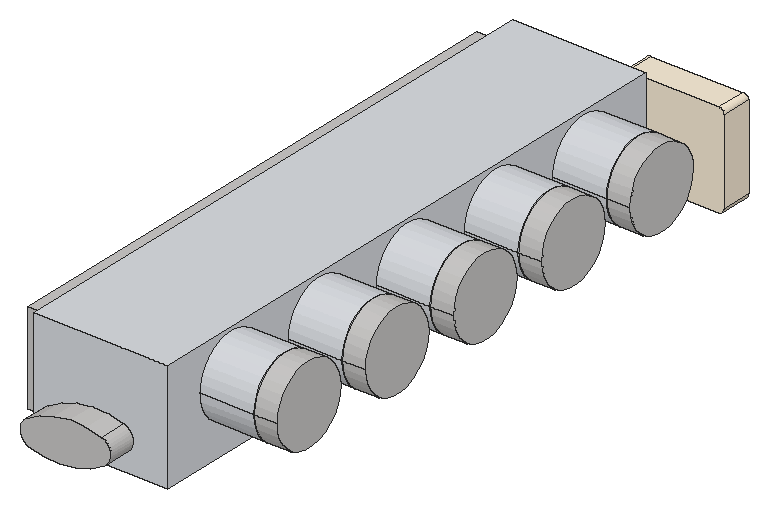
Revit family "HVAC_Ductwork_Airzone_Motorized-Plenum_Samsung_Low-Profile_5-Dampers", category Mechanical Equipment, Revit 2016
Family settings
  Part Type = Normal
  Round Connector Dimension = Use Diameter
  OmniClass Number = 23.75.70.14
  OmniClass Title = Air Ductwork
  Work Plane-Based = No
  Always vertical = Yes
  Cut with Voids When Loaded = No
  Shared = No
  Room Calculation Point = No
Parameters (values of type "SAMSL01L5")
  Voltage = 230 V
  URL = "www.airzone.es"
  Type Image Comments = "Image available in product documentation download"  # constant formula
  Revit Model Version = "1.0"  # constant formula
  Revit Model Author URL = "www.a3d.es"
  Revit Model Author = "A3D Consulting"  # constant formula
  Product Documentation Download URL = "http://doc.airzone.es/BIM/Easyzone/Samsung-Airzone_motorized_plenum.zip"
  Product Comments = "Refer to technical documentation for further details"  # constant formula
  Power Factor = 1
  Neck Width = 1071.600 mm
  Neck Length = 40.000 mm
  Neck Height = 173.600 mm
  Material = Metal - AIRZONE - Galvanized Sheet - Semi-polished
  Main Control Board Material = Plastic - AIRZONE - Smooth - Off-white
  Load Classification = Other
  Insulated Body Width = 255.000 mm  # constant formula
  Insulated Body Material = Metal -AIRZONE - Insulating Lining -Aluminum Finish
  Insulated Body Length = 1140.000 mm  # constant formula
  Insulated Body Height = 210.000 mm  # constant formula
  Flow [instance] = Damper 5 Air Flow + Damper 4 Air Flow + Damper 3 Air Flow + Damper 2 Air Flow + Damper 1 Air Flow - Fresh Air Inlet 2 Flow - Fresh Air Inlet 1 Flow  # 1500 m³/h
  Fresh Air Inlet 1 Flow [instance] = 0 m³/h
  Fresh Air Inlet 2 Flow [instance] = 0 m³/h
  Fresh Air Inlet Connection Width = 175.000 mm
  Fresh Air Inlet Connection Height = 75.000 mm
  Model = "SAMSL01L5"
  Neck Side Offset = 34.200 mm
  Neck Bottom Offset = 18.200 mm
  Type Image = <None>
  Manufacturer = "AIRZONE"  # constant formula
  Main Control Board Depth = 57.000 mm  # constant formula
  Main Control Board Width = 195.000 mm  # constant formula
  Main Control Board Height = 180.000 mm  # constant formula
  Fixing = ""
  Disclaimer = "All information provided in this model is reviewed before being published. However, Airzone cannot guarantee this model is error-free, therefore users are strongly encouraged to check for technical documentation and updates"  # constant formula
  Description = "Airzone low profile motorized plenum with neck that mechanically adapts to the main ducted AC units of Samsung."
  Type Comments = ""
  Dampers Length = 149.000 mm  # constant formula
  Dampers Diameter = 150.000 mm  # constant formula
  Damper 5 Air Flow [instance] = 300 m³/h
  Damper 4 Air Flow [instance] = 300 m³/h
  Damper 1 Air Flow [instance] = 300 m³/h
  Damper 2 Air Flow [instance] = 300 m³/h
  Damper 3 Air Flow [instance] = 300 m³/h
  Fresh Air Inlet Connection Offset Height = 48.305 mm  # constant formula
  Compatible Accesories = ""
  Apparent Load = 57.5 VA
Types (4, lengths in mm): name | Neck Width | Neck Height | Model | Neck Side Offset | Neck Bottom Offset
  SAMSL01L5 | 1071.600 | 173.600 | "SAMSL01L5" | 34.200 | 18.200
  SAMSL02L5 | 1063.600 | 155.600 | "SAMSL02L5" | 38.200 | 32.700
  SAMSL03L5 | 1063.600 | 155.600 | "SAMSL03L5" | 38.200 | 32.700
  SAMSL04L5 | 863.600 | 155.600 | "SAMSL04L5" | 138.200 | 32.700
Reference planes
  plane 1 "Center (Front/Back)": y = 0
  plane 2 "Center (Elevation)": z = 0
  plane 3 "Center (Left/Right)": x = 0
  plane 4 "Neck Back": y = 535.8
  plane 5 "Neck Front": y = -535.8
  plane 6 "Neck Top": z = 86.8
  plane 7 "Neck Bottom": z = -86.8
  plane 8 "Left": x = 40
  plane 9 "Bottom": z = -105
  plane 10 "Top": z = 105
  plane 11 "Front": y = -570
  plane 12 "Back": y = 570
  plane 13 "Right": x = 295
  plane 14 "Dampers Front": x = 444
  plane 15 "Dampers Center (Elevation)": z = 25
  plane 16 "Damper3": y = 0
  plane 17 "Damper2": y = 210
  plane 18 "Damper1": y = 420
  plane 19 "Middle": y = 0
  plane 20 "FreshAir Center (Elevation)": z = -56.695
  plane 21 "FreshAir1": y = 622.5
  plane 22 "FreshAir2": y = -622.5
  plane 23 "Dampers Lining": x = 399
  plane 24 "FreshAir Vertical Axis": x = 142.04
  plane 25 "ConnectionBox Side": x = 249
  plane 26 "Main Control Board Center (Left/Right)": x = 346.5
  plane 27 "Damper4": y = -210
  plane 28 "Damper5": y = -420
Forms (mm)
  Extrusion 1, solid, material "Metal - AIRZONE - Galvanized Sheet - Semi-polished" <- "Material"
    sketch origin (0, 0, 0) x (0, 1, 0) y (0, 0, 1)
      loop
        line (-535.8, 86.8) -> (-535.8, -86.8) -> (535.8, -86.8) -> (535.8, 86.8) -> (-535.8, 86.8)
    from 0 to 40
  Extrusion 2, solid, material "Metal -AIRZONE - Insulating Lining -Aluminum Finish" <- "Insulated Body Material"
    sketch origin (40, 0, 0) x (0, 1, 0) y (0, 0, 1)
      loop
        line (-570, 105) -> (-570, -105) -> (570, -105) -> (570, 105) -> (-570, 105)
    from 0 to 255
  Extrusion 3, solid, material "Metal - AIRZONE - Galvanized Sheet - Semi-polished" <- "Material"
    sketch origin (295, 0, 0) x (0, 1, 0) y (0, 0, 1)
      loop
        circle (0, 25) r 75
    from 104 to 149
  Extrusion 4, solid, material "Metal - AIRZONE - Galvanized Sheet - Semi-polished" <- "Material"
    sketch origin (295, 0, 0) x (0, 1, 0) y (0, 0, 1)
      loop
        circle (210, 25) r 75
    from 104 to 149
  Extrusion 5, solid, material "Metal - AIRZONE - Galvanized Sheet - Semi-polished" <- "Material"
    sketch origin (295, 0, 0) x (0, 1, 0) y (0, 0, 1)
      loop
        circle (420, 25) r 75
    from 104 to 149
  Extrusion 6, solid, material "Metal - AIRZONE - Galvanized Sheet - Semi-polished" <- "Material"
    sketch origin (0, -570, 0) x (0, 0, 1) y (1, 0, 0)
      loop
        arc (-24.141, 211.414) -> (-45.608, 228.315) -> (-70.312, 216.644) r 25.96
        arc (-70.312, 216.644) -> (-96.302, 146.808) -> (-88.849, 72.666) r 164.67
        arc (-88.849, 72.666) -> (-67.665, 55.799) -> (-42.994, 66.961) r 25.96
        arc (-42.994, 66.961) -> (-16.725, 136.99) -> (-24.141, 211.414) r 164.67
    from 0 to -52.5
  Extrusion 7, solid, material "Metal - AIRZONE - Galvanized Sheet - Semi-polished" <- "Material"
    sketch origin (0, 570, 0) x (0, 0, 1) y (1, 0, 0)
      loop
        arc (-24.141, 211.414) -> (-45.325, 228.281) -> (-69.996, 217.119) r 25.96
        arc (-69.996, 217.119) -> (-96.179, 147.74) -> (-89.267, 73.909) r 164.67
        arc (-89.267, 73.909) -> (-68.032, 55.847) -> (-42.678, 67.436) r 25.96
        arc (-42.678, 67.436) -> (-16.688, 137.272) -> (-24.141, 211.414) r 164.67
    from 0 to 52.5
  Extrusion 8, solid, material "Metal -AIRZONE - Insulating Lining -Aluminum Finish" <- "Insulated Body Material"
    sketch origin (295, 0, 0) x (0, 1, 0) y (0, 0, 1)
      loop
        circle (420, 25) r 75
    from 0 to 104
  Extrusion 9, solid, material "Metal -AIRZONE - Insulating Lining -Aluminum Finish" <- "Insulated Body Material"
    sketch origin (295, -260, 0) x (0, 1, 0) y (0, 0, 1)
      loop
        circle (470, 25) r 75
    from 0 to 104
  Extrusion 10, solid, material "Metal -AIRZONE - Insulating Lining -Aluminum Finish" <- "Insulated Body Material"
    sketch origin (295, -520, 0) x (0, 1, 0) y (0, 0, 1)
      loop
        circle (520, 25) r 75
    from 0 to 104
  Extrusion 11, solid, material "Metal - AIRZONE - Galvanized Sheet - Semi-polished" <- "Material"
    sketch origin (295, -190, 0) x (0, 1, 0) y (0, 0, 1)
      loop
        circle (-20, 25) r 75
    from 104 to 149
  Extrusion 12, solid, material "Metal -AIRZONE - Insulating Lining -Aluminum Finish" <- "Insulated Body Material"
    sketch origin (295, -710, 0) x (0, 1, 0) y (0, 0, 1)
      loop
        circle (500, 25) r 75
    from 0 to 104
  Extrusion 13, solid, material "Metal -AIRZONE - Insulating Lining -Aluminum Finish" <- "Insulated Body Material"
    sketch origin (295, -970, 0) x (0, 1, 0) y (0, 0, 1)
      loop
        circle (550, 25) r 75
    from 0 to 104
  Extrusion 14, solid, material "Metal - AIRZONE - Galvanized Sheet - Semi-polished" <- "Material"
    sketch origin (295, -450, 0) x (0, 1, 0) y (0, 0, 1)
      loop
        circle (30, 25) r 75
    from 104 to 149
Lines and regions (mm)
  Masking region 1
    outline origin (0, 0, 0) x (1, 0, 0) y (0, 1, 0)
      loop
        line (40, 570) -> (40, -570) -> (295, -570) -> (295, 570) -> (40, 570)
  Masking region 2, detail levels medium+fine
    outline origin (0, 0, 0) x (1, 0, 0) y (0, 1, 0)
      loop
        line (0, 535.8) -> (0, -535.8) -> (40, -535.8) -> (40, 535.8) -> (0, 535.8)
  Masking region 3, detail levels medium+fine
    outline origin (0, 0, 0) x (1, 0, 0) y (0, 1, 0)
      loop
        line (295, 75) -> (295, -75) -> (444, -75) -> (444, 75) -> (295, 75)
  Masking region 4, detail levels medium+fine
    outline origin (0, 260, 0) x (1, 0, 0) y (0, 1, 0)
      loop
        line (295, 25) -> (295, -125) -> (444, -125) -> (444, 25) -> (295, 25)
  Masking region 5, detail levels medium+fine
    outline origin (0, 520, 0) x (1, 0, 0) y (0, 1, 0)
      loop
        line (295, -25) -> (295, -175) -> (444, -175) -> (444, -25) -> (295, -25)
  Masking region 6, detail levels medium+fine
    outline origin (0, 0, -56.695) x (1, 0, 0) y (0, 1, 0)
      loop
        line (54.54, 622.5) -> (54.54, 570) -> (229.54, 570) -> (229.54, 622.5) -> (54.54, 622.5)
  Masking region 7, detail levels medium+fine
    outline origin (0, 0, -56.695) x (1, 0, 0) y (0, 1, 0)
      loop
        line (54.54, -570) -> (54.54, -622.5) -> (229.54, -622.5) -> (229.54, -570) -> (54.54, -570)
  Masking region 8, detail levels medium+fine
    outline origin (0, 0, 105) x (0, -1, 0) y (1, 0, 0)
      loop
        line (-627, 249) -> (-570, 249) -> (-570, 444) -> (-627, 444) -> (-627, 249)
  Masking region 9, detail levels medium+fine
    outline origin (0, -190, 0) x (1, 0, 0) y (0, 1, 0)
      loop
        line (295, 55) -> (295, -95) -> (444, -95) -> (444, 55) -> (295, 55)
  Masking region 10, detail levels medium+fine
    outline origin (0, -450, 0) x (1, 0, 0) y (0, 1, 0)
      loop
        line (295, 105) -> (295, -45) -> (444, -45) -> (444, 105) -> (295, 105)
  symbolic lines, detail levels coarse
    curve 1: line (40, -570, 0) -> (295, 0, 0)
    curve 2: line (295, 0, 0) -> (40, 570, 0)
Dimensions and locks
  equal spacing: plane 4 "Neck Back", plane 1 "Center (Front/Back)", plane 5 "Neck Front"
  "Neck Width": plane 4 "Neck Back" to plane 5 "Neck Front"
  equal spacing: plane 6 "Neck Top", level, plane 7 "Neck Bottom"
  "Neck Height": plane 6 "Neck Top" to plane 7 "Neck Bottom"
  "Neck Length": plane 3 "Center (Left/Right)" to plane 8 "Left"
  "Neck Bottom Offset": plane 7 "Neck Bottom" to plane 9 "Bottom"
  "Insulated Body Height": plane 10 "Top" to plane 9 "Bottom"
  "Insulated Body Length": plane 12 "Back" to plane 11 "Front"
  "Insulated Body Width": plane 8 "Left" to plane 13 "Right"
  "Dampers Length": plane 13 "Right" to plane 14 "Dampers Front"
  equal spacing: plane 12 "Back", plane 19 "Middle", plane 11 "Front"
  plane 8 "Left" to plane 13 "Right" = 255.000 mm
  "Fresh Air Inlet Connection Offset Height": plane 20 "FreshAir Center (Elevation)" to plane 9 "Bottom"
  locked: Extrusion 6 sketch curve to plane 9 "Bottom" at 56.47
  locked: Extrusion 6 sketch curve to plane 8 "Left" at 162.52
  locked: Extrusion 6 sketch curve to plane 8 "Left" at 41.56
  locked: Extrusion 6 sketch curve to plane 9 "Bottom" at 40.54
  locked: Extrusion 6 sketch curve to plane 8 "Left" at 118.3
  locked: plane 9 "Bottom" to Extrusion 6 sketch curve at 75.01
  locked: Extrusion 6 sketch curve to plane 8 "Left" at 85.78
  locked: Extrusion 6 sketch curve to plane 9 "Bottom" at 172.02
  locked: Extrusion 7 sketch curve to plane 8 "Left" at 162.52
  locked: Extrusion 7 sketch curve to plane 9 "Bottom" at 56.47
  locked: Extrusion 7 sketch curve to plane 9 "Bottom" at 40.54
  locked: Extrusion 7 sketch curve to plane 8 "Left" at 41.56
  locked: Extrusion 7 sketch curve to plane 8 "Left" at 85.78
  locked: Extrusion 7 sketch curve to plane 9 "Bottom" at 172.02
  locked: plane 9 "Bottom" to Extrusion 7 sketch curve at 75.01
  locked: Extrusion 7 sketch curve to plane 8 "Left" at 118.3
  "Neck Side Offset": plane 12 "Back" to plane 4 "Neck Back"
  locked: plane 21 "FreshAir1" to plane 12 "Back" at 52.5
  plane 11 "Front" to plane 22 "FreshAir2" = 52.500 mm
  locked: plane 24 "FreshAir Vertical Axis" to connector elem
  locked: plane 20 "FreshAir Center (Elevation)" to connector elem
  locked: connector elem to plane 24 "FreshAir Vertical Axis"
  locked: connector elem to plane 20 "FreshAir Center (Elevation)"
  locked: plane 23 "Dampers Lining" to plane 14 "Dampers Front" at 45
  locked: plane 8 "Left" to plane 24 "FreshAir Vertical Axis" at 102.04
  equal spacing: Masking region 3 sketch curve, plane 16 "Damper3", Masking region 3 sketch curve
  "Dampers Diameter": Masking region 3 sketch curve to Masking region 3 sketch curve
  "Dampers Diameter": Masking region 4 sketch curve to Masking region 4 sketch curve
  equal spacing: Masking region 5 sketch curve, plane 18 "Damper1", Masking region 5 sketch curve
  "Dampers Diameter": Masking region 5 sketch curve to Masking region 5 sketch curve
  equal spacing: Masking region 6 sketch curve, plane 24 "FreshAir Vertical Axis", Masking region 6 sketch curve
  "Fresh Air Inlet Connection Width": Masking region 6 sketch curve to Masking region 6 sketch curve
  equal spacing: Masking region 7 sketch curve, plane 24 "FreshAir Vertical Axis", Masking region 7 sketch curve
  "Fresh Air Inlet Connection Width": Masking region 7 sketch curve to Masking region 7 sketch curve
  "Main Control Board Depth": Masking region 8 sketch curve to plane 12 "Back"
  "Main Control Board Width": plane 25 "ConnectionBox Side" to plane 14 "Dampers Front"
  equal spacing: plane 25 "ConnectionBox Side", plane 26 "Main Control Board Center (Left/Right)", plane 14 "Dampers Front"
  locked: nested 1 to plane 10 "Top" at 10
  equal spacing: Masking region 4 sketch curve, plane 17 "Damper2", Masking region 4 sketch curve
  equal spacing: Masking region 9 sketch curve, plane 27 "Damper4", Masking region 9 sketch curve
  "Dampers Diameter": Masking region 9 sketch curve to Masking region 9 sketch curve
  plane 18 "Damper1" to plane 17 "Damper2" to plane 16 "Damper3" to plane 27 "Damper4" to plane 28 "Damper5" = 210.000 mm locked, 210.000 mm locked, 210.000 mm locked, 210.000 mm locked
  locked: plane 19 "Middle" to plane 16 "Damper3"
  equal spacing: Masking region 10 sketch curve, plane 28 "Damper5", Masking region 10 sketch curve
  "Dampers Diameter": Masking region 10 sketch curve to Masking region 10 sketch curve
  locked: plane 10 "Top" to plane 15 "Dampers Center (Elevation)" at 80
  "Dampers Diameter": diameter of Extrusion 3 sketch curve
  "Dampers Diameter": diameter of Extrusion 4 sketch curve
  "Dampers Diameter": diameter of Extrusion 5 sketch curve
  radius of Extrusion 7 sketch curve = 164.670 mm  (x2)
  radius of Extrusion 7 sketch curve = 25.960 mm  (x2)
  radius of Extrusion 6 sketch curve = 164.670 mm  (x2)
  radius of Extrusion 6 sketch curve = 25.960 mm  (x2)
  "Dampers Diameter": diameter of Extrusion 8 sketch curve
  "Dampers Diameter": diameter of Extrusion 9 sketch curve
  "Dampers Diameter": diameter of Extrusion 10 sketch curve
  "Dampers Diameter": diameter of Extrusion 11 sketch curve
  "Dampers Diameter": diameter of Extrusion 12 sketch curve
  "Dampers Diameter": diameter of Extrusion 13 sketch curve
  "Dampers Diameter": diameter of Extrusion 14 sketch curve
  aligned and locked: level to plane 2 "Center (Elevation)"
  aligned and locked: plane 5 "Neck Front" to Extrusion 1 sketch curve
  aligned and locked: Extrusion 1 sketch curve to plane 6 "Neck Top"
  aligned and locked: Extrusion 1 sketch curve to plane 4 "Neck Back"
  aligned and locked: plane 7 "Neck Bottom" to Extrusion 1 sketch curve
  aligned and locked: Extrusion 1 to plane 3 "Center (Left/Right)"
  aligned and locked: Extrusion 2 sketch curve to plane 10 "Top"
  aligned and locked: Extrusion 2 sketch curve to plane 12 "Back"
  aligned and locked: plane 9 "Bottom" to Extrusion 2 sketch curve
  aligned and locked: plane 11 "Front" to Extrusion 2 sketch curve
  aligned and locked: plane 13 "Right" to Extrusion 2
  aligned and locked: Extrusion 2 to plane 8 "Left"
  aligned and locked: plane 16 "Damper3" to Extrusion 3 sketch curve
  aligned and locked: plane 15 "Dampers Center (Elevation)" to Extrusion 3 sketch curve
  aligned and locked: plane 15 "Dampers Center (Elevation)" to Extrusion 4 sketch curve
  aligned and locked: plane 18 "Damper1" to Extrusion 5 sketch curve
  aligned and locked: plane 15 "Dampers Center (Elevation)" to Extrusion 5 sketch curve
  aligned and locked: plane 14 "Dampers Front" to Extrusion 5
  aligned and locked: plane 14 "Dampers Front" to Extrusion 4
  aligned and locked: plane 14 "Dampers Front" to Extrusion 3
  aligned and locked: plane 8 "Left" to Extrusion 1
  aligned and locked: plane 22 "FreshAir2" to Extrusion 6
  aligned and locked: plane 21 "FreshAir1" to Extrusion 7
  aligned and locked: Extrusion 7 to plane 12 "Back"
  aligned and locked: plane 11 "Front" to Extrusion 6
  aligned and locked: Extrusion 5 to plane 23 "Dampers Lining"
  aligned and locked: Extrusion 5 to Extrusion 4
  aligned and locked: Extrusion 4 to Extrusion 3
  aligned and locked: plane 23 "Dampers Lining" to Extrusion 8
  aligned and locked: Extrusion 10 to plane 13 "Right"
  aligned and locked: plane 23 "Dampers Lining" to Extrusion 10
  aligned and locked: Extrusion 9 to plane 13 "Right"
  aligned and locked: plane 23 "Dampers Lining" to Extrusion 9
  aligned and locked: Extrusion 8 to plane 13 "Right"
  aligned and locked: Extrusion 9 to Extrusion 8
  aligned and locked: plane 18 "Damper1" to Extrusion 8 sketch curve
  aligned and locked: plane 15 "Dampers Center (Elevation)" to Extrusion 8 sketch curve
  aligned and locked: plane 15 "Dampers Center (Elevation)" to Extrusion 9 sketch curve
  aligned and locked: plane 16 "Damper3" to Extrusion 10 sketch curve
  aligned and locked: plane 15 "Dampers Center (Elevation)" to Extrusion 10 sketch curve
  aligned and locked: Masking region 1 sketch curve to plane 12 "Back"
  aligned and locked: plane 8 "Left" to Masking region 1 sketch curve
  aligned and locked: Masking region 1 sketch curve to plane 13 "Right"
  aligned and locked: plane 11 "Front" to Masking region 1 sketch curve
  aligned and locked: plane 5 "Neck Front" to Masking region 2 sketch curve
  aligned and locked: plane 3 "Center (Left/Right)" to Masking region 2 sketch curve
  aligned and locked: Masking region 2 sketch curve to plane 4 "Neck Back"
  aligned and locked: Masking region 2 sketch curve to plane 8 "Left"
  aligned and locked: plane 13 "Right" to Masking region 3 sketch curve
  aligned and locked: Masking region 3 sketch curve to plane 14 "Dampers Front"
  aligned and locked: plane 13 "Right" to Masking region 4 sketch curve
  aligned and locked: Masking region 4 sketch curve to plane 14 "Dampers Front"
  aligned and locked: plane 13 "Right" to Masking region 5 sketch curve
  aligned and locked: Masking region 5 sketch curve to plane 14 "Dampers Front"
  aligned and locked: plane 12 "Back" to Masking region 6 sketch curve
  aligned and locked: Masking region 6 sketch curve to plane 21 "FreshAir1"
  aligned and locked: Masking region 7 sketch curve to plane 11 "Front"
  aligned and locked: Masking region 7 sketch curve to plane 22 "FreshAir2"
  aligned and locked: plane 12 "Back" to Masking region 8 sketch curve
  aligned and locked: Masking region 8 sketch curve to plane 14 "Dampers Front"
  aligned and locked: plane 25 "ConnectionBox Side" to Masking region 8 sketch curve
  aligned and locked: plane 17 "Damper2" to Extrusion 9 sketch curve
  aligned and locked: plane 17 "Damper2" to Extrusion 4 sketch curve
  aligned and locked: Masking region 9 sketch curve to plane 14 "Dampers Front"
  aligned and locked: plane 13 "Right" to Masking region 9 sketch curve
  aligned and locked: Extrusion 12 to plane 13 "Right"
  aligned and locked: plane 23 "Dampers Lining" to Extrusion 12
  aligned and locked: Extrusion 11 to plane 23 "Dampers Lining"
  aligned and locked: plane 14 "Dampers Front" to Extrusion 11
  aligned and locked: plane 15 "Dampers Center (Elevation)" to Extrusion 12 sketch curve
  aligned and locked: plane 27 "Damper4" to Extrusion 12 sketch curve
  aligned and locked: plane 15 "Dampers Center (Elevation)" to Extrusion 11 sketch curve
  aligned and locked: plane 27 "Damper4" to Extrusion 11 sketch curve
  aligned and locked: Masking region 10 sketch curve to plane 14 "Dampers Front"
  aligned and locked: plane 13 "Right" to Masking region 10 sketch curve
  aligned and locked: plane 28 "Damper5" to Extrusion 13 sketch curve
  aligned and locked: plane 15 "Dampers Center (Elevation)" to Extrusion 13 sketch curve
  aligned and locked: Extrusion 14 to plane 23 "Dampers Lining"
  aligned and locked: plane 14 "Dampers Front" to Extrusion 14
  aligned and locked: plane 15 "Dampers Center (Elevation)" to Extrusion 14 sketch curve
  aligned and locked: plane 28 "Damper5" to Extrusion 14 sketch curve
  aligned and locked: nested 1 to plane 26 "Main Control Board Center (Left/Right)"
Automatic sketch dimensions
  curve 2 to plane 8 "Left" = 0.000 mm
  curve 1 to plane 8 "Left" = 0.000 mm
  curve 2 to plane 13 "Right" = 0.000 mm
  curve 1 to plane 11 "Front" = 0.000 mm
  curve 2 to plane 16 "Damper3" = 0.000 mm
  curve 2 to plane 12 "Back" = 0.000 mm
Nested families
  nested 1: "Airzone_Main-Control-Board" at (346.5, 570, 5) x (-1, 0, 0) z (0, 1, 0), Extrusion <- "Main Control Board Depth", Height <- "Main Control Board Height", Width <- "Main Control Board Width", Material <- "Main Control Board Material", type "Standard"
    with Width 195.000 mm, Material Plastic - AIRZONE - Smooth - Off-white, Height 180.000 mm, Extrusion 57.000 mm
Connectors
  hvac at (444, 0, 25), driven by "Damper 3 Air Flow", driven by "Dampers Diameter"
    settings: on Extrusion 3, index 1, duct flow 300 m³/h, flow factor 0, pres drop 0.0 Pa, loss coef 0, conn angle 0.00°, conn width 304.8 mm, conn height 304.8 mm, conn diameter 150 mm, duct sys type 1, conn prof type 0, flow config 0, flow direction 2, loss method 0, conn ref index -1, conn util no, is conn primary no, conn desc "Supply Air Out 3"
  hvac at (444, 210, 25), driven by "Damper 2 Air Flow", driven by "Dampers Diameter"
    settings: on Extrusion 4, index 2, duct flow 300 m³/h, flow factor 0, pres drop 0.0 Pa, loss coef 0, conn angle 0.00°, conn width 304.8 mm, conn height 304.8 mm, conn diameter 150 mm, duct sys type 1, conn prof type 0, flow config 0, flow direction 2, loss method 0, conn ref index -1, conn util no, is conn primary no, conn desc "Supply Air Out 2"
  hvac at (444, 420, 25), driven by "Damper 1 Air Flow", driven by "Dampers Diameter"
    settings: on Extrusion 5, index 3, duct flow 300 m³/h, flow factor 0, pres drop 0.0 Pa, loss coef 0, conn angle 0.00°, conn width 304.8 mm, conn height 304.8 mm, conn diameter 150 mm, duct sys type 1, conn prof type 0, flow config 0, flow direction 2, loss method 0, conn ref index -1, conn util no, is conn primary no, conn desc "Supply Air Out 1"
  hvac at (0, 0, 0), driven by "Flow", driven by "Neck Height", driven by "Neck Width"
    settings: on Extrusion 1, index 6, duct flow 1500 m³/h, flow factor 0, pres drop 0.0 Pa, loss coef 0, conn angle 0.00°, conn width 1071.6 mm, conn height 173.6 mm, conn diameter 609.6 mm, duct sys type 1, conn prof type 1, flow config 1, flow direction 1, loss method 0, conn ref index -1, conn util no, is conn primary yes, conn desc "Supply Air In"
  hvac at (142.04, -622.5, -56.695), driven by "Fresh Air Inlet 2 Flow", driven by "Fresh Air Inlet Connection Width", driven by "Fresh Air Inlet Connection Height"
    settings: index 7, duct flow 0 m³/h, flow factor 0, pres drop 0.0 Pa, loss coef 0, conn angle 0.00°, conn width 175 mm, conn height 75 mm, conn diameter 609.6 mm, duct sys type 1, conn prof type 2, flow config 1, flow direction 1, loss method 0, conn ref index -1, conn util no, is conn primary no, conn desc "Fresh Air In 2"
  hvac at (142.04, 622.5, -56.695), driven by "Fresh Air Inlet 1 Flow", driven by "Fresh Air Inlet Connection Height", driven by "Fresh Air Inlet Connection Width"
    settings: index 8, duct flow 0 m³/h, flow factor 0, pres drop 0.0 Pa, loss coef 0, conn angle 0.00°, conn width 175 mm, conn height 75 mm, conn diameter 609.6 mm, duct sys type 1, conn prof type 2, flow config 1, flow direction 1, loss method 0, conn ref index -1, conn util no, is conn primary no, conn desc "Fresh Air In 1"
  hvac at (444, -210, 25), driven by "Damper 4 Air Flow", driven by "Dampers Diameter"
    settings: on Extrusion 11, index 9, duct flow 300 m³/h, flow factor 0, pres drop 0.0 Pa, loss coef 0, conn angle 0.00°, conn width 304.8 mm, conn height 304.8 mm, conn diameter 150 mm, duct sys type 1, conn prof type 0, flow config 0, flow direction 2, loss method 0, conn ref index -1, conn util no, is conn primary no, conn desc "Supply Air Out 4"
  hvac at (444, -420, 25), driven by "Damper 5 Air Flow", driven by "Dampers Diameter"
    settings: on Extrusion 14, index 10, duct flow 300 m³/h, flow factor 0, pres drop 0.0 Pa, loss coef 0, conn angle 0.00°, conn width 304.8 mm, conn height 304.8 mm, conn diameter 150 mm, duct sys type 1, conn prof type 0, flow config 0, flow direction 2, loss method 0, conn ref index -1, conn util no, is conn primary no, conn desc "Supply Air Out 5"
  electrical at (346.5, 627, 5), driven by "Load Classification", driven by "Voltage", driven by "Apparent Load", driven by "Power Factor"
    settings: on nested 1, index 11, voltage 230 V, apparent load 57.5 VA, apparent load phase1 0 VA, apparent load phase2 0 VA, apparent load phase3 0 VA, power factor 1, load classification "Other", number of poles 1, system type 30, power factor state 1, is connector primary yes, connector utility no, sub classification motor no, connector description "Power Supply"
Definition of nested family "Airzone_Main-Control-Board"
  Parameters (values of type "Standard")
    Width [instance] = 195.000 mm
    URL = "www.airzone.es"
    Revit Model Version = "1.0"  # constant formula
    Revit Model Author URL = "www.a3d.es"
    Revit Model Author = "A3D Consulting"  # constant formula
    Material [instance] = none
    Manufacturer = "AIRZONE"  # constant formula
    Height [instance] = 180.000 mm
    Extrusion [instance] = 57.000 mm
    Default Elevation = 0.000 mm
  Reference planes
    plane 1 "Center (Front/Back)": y = 0
    plane 2: z = 0
    plane 3 "Center (Left/Right)": x = 0
    plane 4: y = 90
    plane 5: y = -90
    plane 6: x = 97.5
    plane 7: x = -97.5
  Forms (mm)
    Extrusion 1, solid, material <- "Material"
      sketch origin (0, 0, 0) x (1, 0, 0) y (0, 1, 0)
        loop
          arc (-87.5, 90) -> (-94.571, 87.071) -> (-97.5, 80) r 10
          line (-97.5, 80) -> (-97.5, -80)
          arc (-97.5, -80) -> (-94.571, -87.071) -> (-87.5, -90) r 10
          line (-87.5, -90) -> (87.5, -90)
          arc (87.5, -90) -> (94.571, -87.071) -> (97.5, -80) r 10
          line (97.5, -80) -> (97.5, 80)
          arc (97.5, 80) -> (94.571, 87.071) -> (87.5, 90) r 10
          line (87.5, 90) -> (-87.5, 90)
      from 0 to 57 <- "Extrusion"
  Dimensions and locks
    equal spacing: plane 7, plane 3 "Center (Left/Right)", plane 6
    equal spacing: plane 4, plane 1 "Center (Front/Back)", plane 5
    "Width": plane 7 to plane 6
    "Height": plane 4 to plane 5
    radius of Extrusion 1 sketch curve = 10.000 mm  (x4)
    aligned and locked: level to plane 2
    aligned and locked: plane 5 to Extrusion 1 sketch curve
    aligned and locked: Extrusion 1 sketch curve to plane 6
    aligned and locked: Extrusion 1 sketch curve to plane 4
    aligned and locked: plane 7 to Extrusion 1 sketch curve
